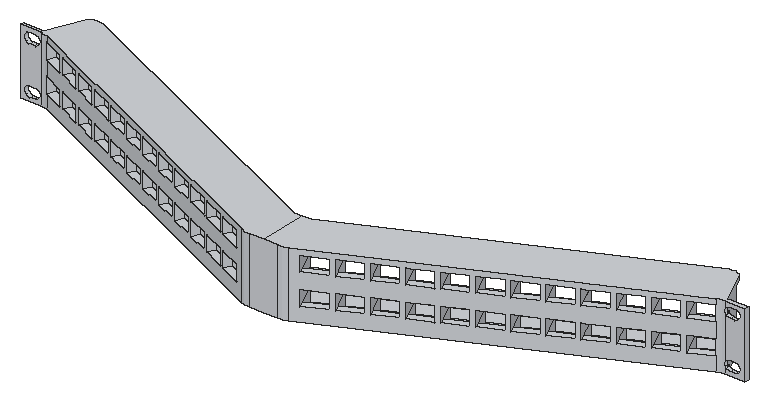
Revit family
Parameters (values of type "TEXT")
  Material ID = "760109744"
  Description = "M4800A 1U Angled Panel, 48 port"
Reference planes (in)
  plane 1 "Center (Front/Back)": y = 0
  plane 2: z = 0
  plane 3 "Center (Left/Right)": x = 0
  plane 4: x = 0
Forms (in)
  Extrusion 1, solid
    sketch origin (0, 0, 0) x (1, 0, 0) y (0, 0, 1)
      loop
        line (0, 1.72) -> (-9.5, 1.72) -> (-9.5, 0) -> (0, 0) -> (9.5, 0) -> (9.5, 1.72) -> (0, 1.72)
    from 0 to 5
  Extrusion 2, void
    sketch origin (0, 0, 0) x (1, 0, 0) y (0, 1, 0)
      loop
        line (0, -3.75) -> (0.22211, -3.75) -> (8.20539, -0.02733)
        arc (8.20539, -0.02733) -> (8.4054, -0.01671) -> (8.56751, -0.13432) r 0.3
        line (8.56751, -0.13432) -> (8.96942, -0.99622) -> (10.67789, -0.99622) -> (10.67789, 1.58554) -> (-10.07211, 1.58554) -> (-10.07211, -1) -> (-8.97119, -1) -> (-8.56751, -0.13432)
        arc (-8.56751, -0.13432) -> (-8.4054, -0.01671) -> (-8.20539, -0.02733) r 0.3
        line (-8.20539, -0.02733) -> (-0.22211, -3.75) -> (0, -3.75)
      loop
        line (0, -5) -> (-0.37185, -5)
        arc (-0.37185, -5) -> (-0.49223, -4.98735) -> (-0.60735, -4.94994) r 0.57899
        line (-0.60735, -4.94994) -> (-8.77297, -1.14225)
        arc (-8.77297, -1.14225) -> (-8.86654, -1.11064) -> (-8.96473, -1.1) r 0.45422
        line (-8.96473, -1.1) -> (-10.07211, -1.1) -> (-10.07211, -6.6) -> (10.67789, -6.6) -> (10.67789, -1.1) -> (8.96473, -1.1)
        arc (8.96473, -1.1) -> (8.86654, -1.11064) -> (8.77297, -1.14225) r 0.45422
        line (8.77297, -1.14225) -> (0.60735, -4.94994)
        arc (0.60735, -4.94994) -> (0.49223, -4.98735) -> (0.37185, -5) r 0.57899
        line (0.37185, -5) -> (0, -5)
    from 0 to 1.72
  Extrusion 3, void
    sketch origin (0, 0, 0) x (1, 0, 0) y (0, 0, 1)
      loop
        line (-9.23838, 0.095) -> (-9.11238, 0.095)
        arc (-9.11238, 0.095) -> (-8.97238, 0.235) -> (-9.11238, 0.375) r 0.14
        line (-9.11238, 0.375) -> (-9.23838, 0.375)
        arc (-9.23838, 0.375) -> (-9.37838, 0.235) -> (-9.23838, 0.095) r 0.14
      loop
        line (-9.23838, 1.345) -> (-9.11238, 1.345)
        arc (-9.11238, 1.345) -> (-8.97238, 1.485) -> (-9.11238, 1.625) r 0.14
        line (-9.11238, 1.625) -> (-9.23838, 1.625)
        arc (-9.23838, 1.625) -> (-9.37838, 1.485) -> (-9.23838, 1.345) r 0.14
    from -1.65585 to 2.00078
  Extrusion 4, void
    sketch origin (0, 0, 0) x (-1, 0, 0) y (0, 0, -1)
      loop
        arc (-9.23838, -0.095) -> (-9.37838, -0.235) -> (-9.23838, -0.375) r 0.14
        line (-9.23838, -0.375) -> (-9.11238, -0.375)
        arc (-9.11238, -0.375) -> (-8.97238, -0.235) -> (-9.11238, -0.095) r 0.14
        line (-9.11238, -0.095) -> (-9.23838, -0.095)
      loop
        arc (-9.23838, -1.345) -> (-9.37838, -1.485) -> (-9.23838, -1.625) r 0.14
        line (-9.23838, -1.625) -> (-9.11238, -1.625)
        arc (-9.11238, -1.625) -> (-8.97238, -1.485) -> (-9.11238, -1.345) r 0.14
        line (-9.11238, -1.345) -> (-9.23838, -1.345)
    from -1.65585 to 3.38016
  Extrusion 5, void, not visible
    sketch origin (-0.5, -5, 0) x (0.906308, -0.422618, 0) y (0, 0, -1)
      loop
        line (-8.77097, -1.065) -> (-8.20097, -1.065) -> (-8.20097, -0.58646) -> (-8.35097, -0.58646) -> (-8.35097, -0.415) -> (-8.61922, -0.415) -> (-8.61922, -0.58646) -> (-8.77097, -0.58646) -> (-8.77097, -1.065)
    from -6.11684 to 3.83475
  Extrusion 6, void
    sketch origin (0, 0, 1.72) x (0, -1, 0) y (-1, 0, 0)
      loop
        line (-0.11011, -8.50014) -> (0.32456, -8.7511) -> (4.25, -0.33296) -> (4.25, 0.33296) -> (0.3609, 8.67317) -> (-0.09226, 8.46186) -> (3.75, 0.22211) -> (3.75, -0.22211) -> (-0.11011, -8.50014)
    from 0.095 to 1.675
  Extrusion 7, void
    sketch origin (-0.5, -5, 0) x (0.906308, -0.422618, 0) y (0, 0, -1)
      loop
        line (-9.1872, -1.57888) -> (-8.5172, -1.57888) -> (-8.5172, -0.87888) -> (-9.1872, -0.87888) -> (-9.1872, -1.57888)
    from 0.20497 to 5.92058
  Extrusion 8, void
    sketch origin (-0.5, -5, 0) x (0.906308, -0.422618, 0) y (0, 0, -1)
      loop
        line (-8.50699, -1.57888) -> (-8.50699, -1.17045) -> (-9.12821, -1.17045) -> (-9.12821, -1.57888) -> (-8.50699, -1.57888)
    from 0 to 4.63738
  Extrusion 9, void
    sketch origin (0.17067, -5.31274, 0) x (0.906308, -0.422618, 0) y (0, 0, -1)
      loop
        line (-9.1872, -1.57888) -> (-8.5172, -1.57888) -> (-8.5172, -0.87888) -> (-9.1872, -0.87888) -> (-9.1872, -1.57888)
    from 0.20497 to 5.92058
  Extrusion 10, void
    sketch origin (0.17067, -5.31274, 0) x (0.906308, -0.422618, 0) y (0, 0, -1)
      loop
        line (-8.50699, -1.57888) -> (-8.50699, -1.17045) -> (-9.12821, -1.17045) -> (-9.12821, -1.57888) -> (-8.50699, -1.57888)
    from 0 to 4.63738
  Extrusion 11, void
    sketch origin (0.84134, -5.62548, 0) x (0.906308, -0.422618, 0) y (0, 0, -1)
      loop
        line (-9.1872, -1.57888) -> (-8.5172, -1.57888) -> (-8.5172, -0.87888) -> (-9.1872, -0.87888) -> (-9.1872, -1.57888)
    from 0.20497 to 5.92058
  Extrusion 12, void
    sketch origin (0.84134, -5.62548, 0) x (0.906308, -0.422618, 0) y (0, 0, -1)
      loop
        line (-8.50699, -1.57888) -> (-8.50699, -1.17045) -> (-9.12821, -1.17045) -> (-9.12821, -1.57888) -> (-8.50699, -1.57888)
    from 0 to 4.63738
  Extrusion 13, void
    sketch origin (1.512, -5.93821, 0) x (0.906308, -0.422618, 0) y (0, 0, -1)
      loop
        line (-9.1872, -1.57888) -> (-8.5172, -1.57888) -> (-8.5172, -0.87888) -> (-9.1872, -0.87888) -> (-9.1872, -1.57888)
    from 0.20497 to 5.92058
  Extrusion 14, void
    sketch origin (1.512, -5.93821, 0) x (0.906308, -0.422618, 0) y (0, 0, -1)
      loop
        line (-8.50699, -1.57888) -> (-8.50699, -1.17045) -> (-9.12821, -1.17045) -> (-9.12821, -1.57888) -> (-8.50699, -1.57888)
    from 0 to 4.63738
  Extrusion 15, void
    sketch origin (2.18267, -6.25095, 0) x (0.906308, -0.422618, 0) y (0, 0, -1)
      loop
        line (-9.1872, -1.57888) -> (-8.5172, -1.57888) -> (-8.5172, -0.87888) -> (-9.1872, -0.87888) -> (-9.1872, -1.57888)
    from 0.20497 to 5.92058
  Extrusion 16, void
    sketch origin (2.18267, -6.25095, 0) x (0.906308, -0.422618, 0) y (0, 0, -1)
      loop
        line (-8.50699, -1.57888) -> (-8.50699, -1.17045) -> (-9.12821, -1.17045) -> (-9.12821, -1.57888) -> (-8.50699, -1.57888)
    from 0 to 4.63738
  Extrusion 17, void
    sketch origin (2.85334, -6.56369, 0) x (0.906308, -0.422618, 0) y (0, 0, -1)
      loop
        line (-9.1872, -1.57888) -> (-8.5172, -1.57888) -> (-8.5172, -0.87888) -> (-9.1872, -0.87888) -> (-9.1872, -1.57888)
    from 0.20497 to 5.92058
  Extrusion 18, void
    sketch origin (2.85334, -6.56369, 0) x (0.906308, -0.422618, 0) y (0, 0, -1)
      loop
        line (-8.50699, -1.57888) -> (-8.50699, -1.17045) -> (-9.12821, -1.17045) -> (-9.12821, -1.57888) -> (-8.50699, -1.57888)
    from 0 to 4.63738
  Extrusion 19, void
    sketch origin (3.52401, -6.87643, 0) x (0.906308, -0.422618, 0) y (0, 0, -1)
      loop
        line (-9.1872, -1.57888) -> (-8.5172, -1.57888) -> (-8.5172, -0.87888) -> (-9.1872, -0.87888) -> (-9.1872, -1.57888)
    from 0.20497 to 5.92058
  Extrusion 20, void
    sketch origin (3.52401, -6.87643, 0) x (0.906308, -0.422618, 0) y (0, 0, -1)
      loop
        line (-8.50699, -1.57888) -> (-8.50699, -1.17045) -> (-9.12821, -1.17045) -> (-9.12821, -1.57888) -> (-8.50699, -1.57888)
    from 0 to 4.63738
  Extrusion 21, void
    sketch origin (4.19467, -7.18916, 0) x (0.906308, -0.422618, 0) y (0, 0, -1)
      loop
        line (-9.1872, -1.57888) -> (-8.5172, -1.57888) -> (-8.5172, -0.87888) -> (-9.1872, -0.87888) -> (-9.1872, -1.57888)
    from 0.20497 to 5.92058
  Extrusion 22, void
    sketch origin (4.19467, -7.18916, 0) x (0.906308, -0.422618, 0) y (0, 0, -1)
      loop
        line (-8.50699, -1.57888) -> (-8.50699, -1.17045) -> (-9.12821, -1.17045) -> (-9.12821, -1.57888) -> (-8.50699, -1.57888)
    from 0 to 4.63738
  Extrusion 23, void
    sketch origin (4.86534, -7.5019, 0) x (0.906308, -0.422618, 0) y (0, 0, -1)
      loop
        line (-9.1872, -1.57888) -> (-8.5172, -1.57888) -> (-8.5172, -0.87888) -> (-9.1872, -0.87888) -> (-9.1872, -1.57888)
    from 0.20497 to 5.92058
  Extrusion 24, void
    sketch origin (4.86534, -7.5019, 0) x (0.906308, -0.422618, 0) y (0, 0, -1)
      loop
        line (-8.50699, -1.57888) -> (-8.50699, -1.17045) -> (-9.12821, -1.17045) -> (-9.12821, -1.57888) -> (-8.50699, -1.57888)
    from 0 to 4.63738
  Extrusion 25, void
    sketch origin (5.53601, -7.81464, 0) x (0.906308, -0.422618, 0) y (0, 0, -1)
      loop
        line (-9.1872, -1.57888) -> (-8.5172, -1.57888) -> (-8.5172, -0.87888) -> (-9.1872, -0.87888) -> (-9.1872, -1.57888)
    from 0.20497 to 5.92058
  Extrusion 26, void
    sketch origin (5.53601, -7.81464, 0) x (0.906308, -0.422618, 0) y (0, 0, -1)
      loop
        line (-8.50699, -1.57888) -> (-8.50699, -1.17045) -> (-9.12821, -1.17045) -> (-9.12821, -1.57888) -> (-8.50699, -1.57888)
    from 0 to 4.63738
  Extrusion 27, void
    sketch origin (6.20668, -8.12738, 0) x (0.906308, -0.422618, 0) y (0, 0, -1)
      loop
        line (-9.1872, -1.57888) -> (-8.5172, -1.57888) -> (-8.5172, -0.87888) -> (-9.1872, -0.87888) -> (-9.1872, -1.57888)
    from 0.20497 to 5.92058
  Extrusion 28, void
    sketch origin (6.20668, -8.12738, 0) x (0.906308, -0.422618, 0) y (0, 0, -1)
      loop
        line (-8.50699, -1.57888) -> (-8.50699, -1.17045) -> (-9.12821, -1.17045) -> (-9.12821, -1.57888) -> (-8.50699, -1.57888)
    from 0 to 4.63738
  Extrusion 29, void
    sketch origin (6.87735, -8.44011, 0) x (0.906308, -0.422618, 0) y (0, 0, -1)
      loop
        line (-9.1872, -1.57888) -> (-8.5172, -1.57888) -> (-8.5172, -0.87888) -> (-9.1872, -0.87888) -> (-9.1872, -1.57888)
    from 0.20497 to 5.92058
  Extrusion 30, void
    sketch origin (6.87735, -8.44011, 0) x (0.906308, -0.422618, 0) y (0, 0, -1)
      loop
        line (-8.50699, -1.57888) -> (-8.50699, -1.17045) -> (-9.12821, -1.17045) -> (-9.12821, -1.57888) -> (-8.50699, -1.57888)
    from 0 to 4.63738
  Extrusion 31, void
    sketch origin (-0.5, -5, -0.8) x (0.906308, -0.422618, 0) y (0, 0, -1)
      loop
        line (-9.1872, -1.57888) -> (-8.5172, -1.57888) -> (-8.5172, -0.87888) -> (-9.1872, -0.87888) -> (-9.1872, -1.57888)
    from 0.20497 to 5.92058
  Extrusion 32, void
    sketch origin (-0.5, -5, -0.8) x (0.906308, -0.422618, 0) y (0, 0, -1)
      loop
        line (-8.50699, -1.57888) -> (-8.50699, -1.17045) -> (-9.12821, -1.17045) -> (-9.12821, -1.57888) -> (-8.50699, -1.57888)
    from 0 to 4.63738
  Extrusion 33, void
    sketch origin (0.17067, -5.31274, -0.8) x (0.906308, -0.422618, 0) y (0, 0, -1)
      loop
        line (-9.1872, -1.57888) -> (-8.5172, -1.57888) -> (-8.5172, -0.87888) -> (-9.1872, -0.87888) -> (-9.1872, -1.57888)
    from 0.20497 to 5.92058
  Extrusion 34, void
    sketch origin (0.17067, -5.31274, -0.8) x (0.906308, -0.422618, 0) y (0, 0, -1)
      loop
        line (-8.50699, -1.57888) -> (-8.50699, -1.17045) -> (-9.12821, -1.17045) -> (-9.12821, -1.57888) -> (-8.50699, -1.57888)
    from 0 to 4.63738
  Extrusion 35, void
    sketch origin (0.84134, -5.62548, -0.8) x (0.906308, -0.422618, 0) y (0, 0, -1)
      loop
        line (-9.1872, -1.57888) -> (-8.5172, -1.57888) -> (-8.5172, -0.87888) -> (-9.1872, -0.87888) -> (-9.1872, -1.57888)
    from 0.20497 to 5.92058
  Extrusion 36, void
    sketch origin (0.84134, -5.62548, -0.8) x (0.906308, -0.422618, 0) y (0, 0, -1)
      loop
        line (-8.50699, -1.57888) -> (-8.50699, -1.17045) -> (-9.12821, -1.17045) -> (-9.12821, -1.57888) -> (-8.50699, -1.57888)
    from 0 to 4.63738
  Extrusion 37, void
    sketch origin (1.512, -5.93821, -0.8) x (0.906308, -0.422618, 0) y (0, 0, -1)
      loop
        line (-9.1872, -1.57888) -> (-8.5172, -1.57888) -> (-8.5172, -0.87888) -> (-9.1872, -0.87888) -> (-9.1872, -1.57888)
    from 0.20497 to 5.92058
  Extrusion 38, void
    sketch origin (1.512, -5.93821, -0.8) x (0.906308, -0.422618, 0) y (0, 0, -1)
      loop
        line (-8.50699, -1.57888) -> (-8.50699, -1.17045) -> (-9.12821, -1.17045) -> (-9.12821, -1.57888) -> (-8.50699, -1.57888)
    from 0 to 4.63738
  Extrusion 39, void
    sketch origin (2.18267, -6.25095, -0.8) x (0.906308, -0.422618, 0) y (0, 0, -1)
      loop
        line (-9.1872, -1.57888) -> (-8.5172, -1.57888) -> (-8.5172, -0.87888) -> (-9.1872, -0.87888) -> (-9.1872, -1.57888)
    from 0.20497 to 5.92058
  Extrusion 40, void
    sketch origin (2.18267, -6.25095, -0.8) x (0.906308, -0.422618, 0) y (0, 0, -1)
      loop
        line (-8.50699, -1.57888) -> (-8.50699, -1.17045) -> (-9.12821, -1.17045) -> (-9.12821, -1.57888) -> (-8.50699, -1.57888)
    from 0 to 4.63738
  Extrusion 41, void
    sketch origin (2.85334, -6.56369, -0.8) x (0.906308, -0.422618, 0) y (0, 0, -1)
      loop
        line (-9.1872, -1.57888) -> (-8.5172, -1.57888) -> (-8.5172, -0.87888) -> (-9.1872, -0.87888) -> (-9.1872, -1.57888)
    from 0.20497 to 5.92058
  Extrusion 42, void
    sketch origin (2.85334, -6.56369, -0.8) x (0.906308, -0.422618, 0) y (0, 0, -1)
      loop
        line (-8.50699, -1.57888) -> (-8.50699, -1.17045) -> (-9.12821, -1.17045) -> (-9.12821, -1.57888) -> (-8.50699, -1.57888)
    from 0 to 4.63738
  Extrusion 43, void
    sketch origin (3.52401, -6.87643, -0.8) x (0.906308, -0.422618, 0) y (0, 0, -1)
      loop
        line (-9.1872, -1.57888) -> (-8.5172, -1.57888) -> (-8.5172, -0.87888) -> (-9.1872, -0.87888) -> (-9.1872, -1.57888)
    from 0.20497 to 5.92058
  Extrusion 44, void
    sketch origin (3.52401, -6.87643, -0.8) x (0.906308, -0.422618, 0) y (0, 0, -1)
      loop
        line (-8.50699, -1.57888) -> (-8.50699, -1.17045) -> (-9.12821, -1.17045) -> (-9.12821, -1.57888) -> (-8.50699, -1.57888)
    from 0 to 4.63738
  Extrusion 45, void
    sketch origin (4.19467, -7.18916, -0.8) x (0.906308, -0.422618, 0) y (0, 0, -1)
      loop
        line (-9.1872, -1.57888) -> (-8.5172, -1.57888) -> (-8.5172, -0.87888) -> (-9.1872, -0.87888) -> (-9.1872, -1.57888)
    from 0.20497 to 5.92058
  Extrusion 46, void
    sketch origin (4.19467, -7.18916, -0.8) x (0.906308, -0.422618, 0) y (0, 0, -1)
      loop
        line (-8.50699, -1.57888) -> (-8.50699, -1.17045) -> (-9.12821, -1.17045) -> (-9.12821, -1.57888) -> (-8.50699, -1.57888)
    from 0 to 4.63738
  Extrusion 47, void
    sketch origin (4.86534, -7.5019, -0.8) x (0.906308, -0.422618, 0) y (0, 0, -1)
      loop
        line (-9.1872, -1.57888) -> (-8.5172, -1.57888) -> (-8.5172, -0.87888) -> (-9.1872, -0.87888) -> (-9.1872, -1.57888)
    from 0.20497 to 5.92058
  Extrusion 48, void
    sketch origin (4.86534, -7.5019, -0.8) x (0.906308, -0.422618, 0) y (0, 0, -1)
      loop
        line (-8.50699, -1.57888) -> (-8.50699, -1.17045) -> (-9.12821, -1.17045) -> (-9.12821, -1.57888) -> (-8.50699, -1.57888)
    from 0 to 4.63738
  Extrusion 49, void
    sketch origin (5.53601, -7.81464, -0.8) x (0.906308, -0.422618, 0) y (0, 0, -1)
      loop
        line (-9.1872, -1.57888) -> (-8.5172, -1.57888) -> (-8.5172, -0.87888) -> (-9.1872, -0.87888) -> (-9.1872, -1.57888)
    from 0.20497 to 5.92058
  Extrusion 50, void
    sketch origin (5.53601, -7.81464, -0.8) x (0.906308, -0.422618, 0) y (0, 0, -1)
      loop
        line (-8.50699, -1.57888) -> (-8.50699, -1.17045) -> (-9.12821, -1.17045) -> (-9.12821, -1.57888) -> (-8.50699, -1.57888)
    from 0 to 4.63738
  Extrusion 51, void
    sketch origin (6.20668, -8.12738, -0.8) x (0.906308, -0.422618, 0) y (0, 0, -1)
      loop
        line (-9.1872, -1.57888) -> (-8.5172, -1.57888) -> (-8.5172, -0.87888) -> (-9.1872, -0.87888) -> (-9.1872, -1.57888)
    from 0.20497 to 5.92058
  Extrusion 52, void
    sketch origin (6.20668, -8.12738, -0.8) x (0.906308, -0.422618, 0) y (0, 0, -1)
      loop
        line (-8.50699, -1.57888) -> (-8.50699, -1.17045) -> (-9.12821, -1.17045) -> (-9.12821, -1.57888) -> (-8.50699, -1.57888)
    from 0 to 4.63738
  Extrusion 53, void
    sketch origin (6.87735, -8.44011, -0.8) x (0.906308, -0.422618, 0) y (0, 0, -1)
      loop
        line (-9.1872, -1.57888) -> (-8.5172, -1.57888) -> (-8.5172, -0.87888) -> (-9.1872, -0.87888) -> (-9.1872, -1.57888)
    from 0.20497 to 5.92058
  Extrusion 54, void
    sketch origin (6.87735, -8.44011, -0.8) x (0.906308, -0.422618, 0) y (0, 0, -1)
      loop
        line (-8.50699, -1.57888) -> (-8.50699, -1.17045) -> (-9.12821, -1.17045) -> (-9.12821, -1.57888) -> (-8.50699, -1.57888)
    from 0 to 4.63738
  Extrusion 55, void
    sketch origin (0.5, -5, 0) x (-0.906308, -0.422618, 0) y (0, 0, 1)
      loop
        line (-9.1872, 1.57888) -> (-9.1872, 0.87888) -> (-8.5172, 0.87888) -> (-8.5172, 1.57888) -> (-9.1872, 1.57888)
    from 0.20497 to 5.92058
  Extrusion 56, void
    sketch origin (0.5, -5, 0) x (-0.906308, -0.422618, 0) y (0, 0, 1)
      loop
        line (-8.50699, 1.57888) -> (-9.12821, 1.57888) -> (-9.12821, 1.17045) -> (-8.50699, 1.17045) -> (-8.50699, 1.57888)
    from 0 to 4.63738
  Extrusion 57, void
    sketch origin (-0.17067, -5.31274, 0) x (-0.906308, -0.422618, 0) y (0, 0, 1)
      loop
        line (-9.1872, 1.57888) -> (-9.1872, 0.87888) -> (-8.5172, 0.87888) -> (-8.5172, 1.57888) -> (-9.1872, 1.57888)
    from 0.20497 to 5.92058
  Extrusion 58, void
    sketch origin (-0.17067, -5.31274, 0) x (-0.906308, -0.422618, 0) y (0, 0, 1)
      loop
        line (-8.50699, 1.57888) -> (-9.12821, 1.57888) -> (-9.12821, 1.17045) -> (-8.50699, 1.17045) -> (-8.50699, 1.57888)
    from 0 to 4.63738
  Extrusion 59, void
    sketch origin (-0.84134, -5.62548, 0) x (-0.906308, -0.422618, 0) y (0, 0, 1)
      loop
        line (-9.1872, 1.57888) -> (-9.1872, 0.87888) -> (-8.5172, 0.87888) -> (-8.5172, 1.57888) -> (-9.1872, 1.57888)
    from 0.20497 to 5.92058
  Extrusion 60, void
    sketch origin (-0.84134, -5.62548, 0) x (-0.906308, -0.422618, 0) y (0, 0, 1)
      loop
        line (-8.50699, 1.57888) -> (-9.12821, 1.57888) -> (-9.12821, 1.17045) -> (-8.50699, 1.17045) -> (-8.50699, 1.57888)
    from 0 to 4.63738
  Extrusion 61, void
    sketch origin (-1.512, -5.93821, 0) x (-0.906308, -0.422618, 0) y (0, 0, 1)
      loop
        line (-9.1872, 1.57888) -> (-9.1872, 0.87888) -> (-8.5172, 0.87888) -> (-8.5172, 1.57888) -> (-9.1872, 1.57888)
    from 0.20497 to 5.92058
  Extrusion 62, void
    sketch origin (-1.512, -5.93821, 0) x (-0.906308, -0.422618, 0) y (0, 0, 1)
      loop
        line (-8.50699, 1.57888) -> (-9.12821, 1.57888) -> (-9.12821, 1.17045) -> (-8.50699, 1.17045) -> (-8.50699, 1.57888)
    from 0 to 4.63738
  Extrusion 63, void
    sketch origin (-2.18267, -6.25095, 0) x (-0.906308, -0.422618, 0) y (0, 0, 1)
      loop
        line (-9.1872, 1.57888) -> (-9.1872, 0.87888) -> (-8.5172, 0.87888) -> (-8.5172, 1.57888) -> (-9.1872, 1.57888)
    from 0.20497 to 5.92058
  Extrusion 64, void
    sketch origin (-2.18267, -6.25095, 0) x (-0.906308, -0.422618, 0) y (0, 0, 1)
      loop
        line (-8.50699, 1.57888) -> (-9.12821, 1.57888) -> (-9.12821, 1.17045) -> (-8.50699, 1.17045) -> (-8.50699, 1.57888)
    from 0 to 4.63738
  Extrusion 65, void
    sketch origin (-2.85334, -6.56369, 0) x (-0.906308, -0.422618, 0) y (0, 0, 1)
      loop
        line (-9.1872, 1.57888) -> (-9.1872, 0.87888) -> (-8.5172, 0.87888) -> (-8.5172, 1.57888) -> (-9.1872, 1.57888)
    from 0.20497 to 5.92058
  Extrusion 66, void
    sketch origin (-2.85334, -6.56369, 0) x (-0.906308, -0.422618, 0) y (0, 0, 1)
      loop
        line (-8.50699, 1.57888) -> (-9.12821, 1.57888) -> (-9.12821, 1.17045) -> (-8.50699, 1.17045) -> (-8.50699, 1.57888)
    from 0 to 4.63738
  Extrusion 67, void
    sketch origin (-3.52401, -6.87643, 0) x (-0.906308, -0.422618, 0) y (0, 0, 1)
      loop
        line (-9.1872, 1.57888) -> (-9.1872, 0.87888) -> (-8.5172, 0.87888) -> (-8.5172, 1.57888) -> (-9.1872, 1.57888)
    from 0.20497 to 5.92058
  Extrusion 68, void
    sketch origin (-3.52401, -6.87643, 0) x (-0.906308, -0.422618, 0) y (0, 0, 1)
      loop
        line (-8.50699, 1.57888) -> (-9.12821, 1.57888) -> (-9.12821, 1.17045) -> (-8.50699, 1.17045) -> (-8.50699, 1.57888)
    from 0 to 4.63738
  Extrusion 69, void
    sketch origin (-4.19467, -7.18916, 0) x (-0.906308, -0.422618, 0) y (0, 0, 1)
      loop
        line (-9.1872, 1.57888) -> (-9.1872, 0.87888) -> (-8.5172, 0.87888) -> (-8.5172, 1.57888) -> (-9.1872, 1.57888)
    from 0.20497 to 5.92058
  Extrusion 70, void
    sketch origin (-4.19467, -7.18916, 0) x (-0.906308, -0.422618, 0) y (0, 0, 1)
      loop
        line (-8.50699, 1.57888) -> (-9.12821, 1.57888) -> (-9.12821, 1.17045) -> (-8.50699, 1.17045) -> (-8.50699, 1.57888)
    from 0 to 4.63738
  Extrusion 71, void
    sketch origin (-4.86534, -7.5019, 0) x (-0.906308, -0.422618, 0) y (0, 0, 1)
      loop
        line (-9.1872, 1.57888) -> (-9.1872, 0.87888) -> (-8.5172, 0.87888) -> (-8.5172, 1.57888) -> (-9.1872, 1.57888)
    from 0.20497 to 5.92058
  Extrusion 72, void
    sketch origin (-4.86534, -7.5019, 0) x (-0.906308, -0.422618, 0) y (0, 0, 1)
      loop
        line (-8.50699, 1.57888) -> (-9.12821, 1.57888) -> (-9.12821, 1.17045) -> (-8.50699, 1.17045) -> (-8.50699, 1.57888)
    from 0 to 4.63738
  Extrusion 73, void
    sketch origin (-5.53601, -7.81464, 0) x (-0.906308, -0.422618, 0) y (0, 0, 1)
      loop
        line (-9.1872, 1.57888) -> (-9.1872, 0.87888) -> (-8.5172, 0.87888) -> (-8.5172, 1.57888) -> (-9.1872, 1.57888)
    from 0.20497 to 5.92058
  Extrusion 74, void
    sketch origin (-5.53601, -7.81464, 0) x (-0.906308, -0.422618, 0) y (0, 0, 1)
      loop
        line (-8.50699, 1.57888) -> (-9.12821, 1.57888) -> (-9.12821, 1.17045) -> (-8.50699, 1.17045) -> (-8.50699, 1.57888)
    from 0 to 4.63738
  Extrusion 75, void
    sketch origin (-6.20668, -8.12738, 0) x (-0.906308, -0.422618, 0) y (0, 0, 1)
      loop
        line (-9.1872, 1.57888) -> (-9.1872, 0.87888) -> (-8.5172, 0.87888) -> (-8.5172, 1.57888) -> (-9.1872, 1.57888)
    from 0.20497 to 5.92058
  Extrusion 76, void
    sketch origin (-6.20668, -8.12738, 0) x (-0.906308, -0.422618, 0) y (0, 0, 1)
      loop
        line (-8.50699, 1.57888) -> (-9.12821, 1.57888) -> (-9.12821, 1.17045) -> (-8.50699, 1.17045) -> (-8.50699, 1.57888)
    from 0 to 4.63738
  Extrusion 77, void
    sketch origin (-6.87735, -8.44011, 0) x (-0.906308, -0.422618, 0) y (0, 0, 1)
      loop
        line (-9.1872, 1.57888) -> (-9.1872, 0.87888) -> (-8.5172, 0.87888) -> (-8.5172, 1.57888) -> (-9.1872, 1.57888)
    from 0.20497 to 5.92058
  Extrusion 78, void
    sketch origin (-6.87735, -8.44011, 0) x (-0.906308, -0.422618, 0) y (0, 0, 1)
      loop
        line (-8.50699, 1.57888) -> (-9.12821, 1.57888) -> (-9.12821, 1.17045) -> (-8.50699, 1.17045) -> (-8.50699, 1.57888)
    from 0 to 4.63738
  Extrusion 79, void
    sketch origin (0.5, -5, -0.8) x (-0.906308, -0.422618, 0) y (0, 0, 1)
      loop
        line (-9.1872, 1.57888) -> (-9.1872, 0.87888) -> (-8.5172, 0.87888) -> (-8.5172, 1.57888) -> (-9.1872, 1.57888)
    from 0.20497 to 5.92058
  Extrusion 80, void
    sketch origin (0.5, -5, -0.8) x (-0.906308, -0.422618, 0) y (0, 0, 1)
      loop
        line (-8.50699, 1.57888) -> (-9.12821, 1.57888) -> (-9.12821, 1.17045) -> (-8.50699, 1.17045) -> (-8.50699, 1.57888)
    from 0 to 4.63738
  Extrusion 81, void
    sketch origin (-0.17067, -5.31274, -0.8) x (-0.906308, -0.422618, 0) y (0, 0, 1)
      loop
        line (-9.1872, 1.57888) -> (-9.1872, 0.87888) -> (-8.5172, 0.87888) -> (-8.5172, 1.57888) -> (-9.1872, 1.57888)
    from 0.20497 to 5.92058
  Extrusion 82, void
    sketch origin (-0.17067, -5.31274, -0.8) x (-0.906308, -0.422618, 0) y (0, 0, 1)
      loop
        line (-8.50699, 1.57888) -> (-9.12821, 1.57888) -> (-9.12821, 1.17045) -> (-8.50699, 1.17045) -> (-8.50699, 1.57888)
    from 0 to 4.63738
  Extrusion 83, void
    sketch origin (-0.84134, -5.62548, -0.8) x (-0.906308, -0.422618, 0) y (0, 0, 1)
      loop
        line (-9.1872, 1.57888) -> (-9.1872, 0.87888) -> (-8.5172, 0.87888) -> (-8.5172, 1.57888) -> (-9.1872, 1.57888)
    from 0.20497 to 5.92058
  Extrusion 84, void
    sketch origin (-0.84134, -5.62548, -0.8) x (-0.906308, -0.422618, 0) y (0, 0, 1)
      loop
        line (-8.50699, 1.57888) -> (-9.12821, 1.57888) -> (-9.12821, 1.17045) -> (-8.50699, 1.17045) -> (-8.50699, 1.57888)
    from 0 to 4.63738
  Extrusion 85, void
    sketch origin (-1.512, -5.93821, -0.8) x (-0.906308, -0.422618, 0) y (0, 0, 1)
      loop
        line (-9.1872, 1.57888) -> (-9.1872, 0.87888) -> (-8.5172, 0.87888) -> (-8.5172, 1.57888) -> (-9.1872, 1.57888)
    from 0.20497 to 5.92058
  Extrusion 86, void
    sketch origin (-1.512, -5.93821, -0.8) x (-0.906308, -0.422618, 0) y (0, 0, 1)
      loop
        line (-8.50699, 1.57888) -> (-9.12821, 1.57888) -> (-9.12821, 1.17045) -> (-8.50699, 1.17045) -> (-8.50699, 1.57888)
    from 0 to 4.63738
  Extrusion 87, void
    sketch origin (-2.18267, -6.25095, -0.8) x (-0.906308, -0.422618, 0) y (0, 0, 1)
      loop
        line (-9.1872, 1.57888) -> (-9.1872, 0.87888) -> (-8.5172, 0.87888) -> (-8.5172, 1.57888) -> (-9.1872, 1.57888)
    from 0.20497 to 5.92058
  Extrusion 88, void
    sketch origin (-2.18267, -6.25095, -0.8) x (-0.906308, -0.422618, 0) y (0, 0, 1)
      loop
        line (-8.50699, 1.57888) -> (-9.12821, 1.57888) -> (-9.12821, 1.17045) -> (-8.50699, 1.17045) -> (-8.50699, 1.57888)
    from 0 to 4.63738
  Extrusion 89, void
    sketch origin (-2.85334, -6.56369, -0.8) x (-0.906308, -0.422618, 0) y (0, 0, 1)
      loop
        line (-9.1872, 1.57888) -> (-9.1872, 0.87888) -> (-8.5172, 0.87888) -> (-8.5172, 1.57888) -> (-9.1872, 1.57888)
    from 0.20497 to 5.92058
  Extrusion 90, void
    sketch origin (-2.85334, -6.56369, -0.8) x (-0.906308, -0.422618, 0) y (0, 0, 1)
      loop
        line (-8.50699, 1.57888) -> (-9.12821, 1.57888) -> (-9.12821, 1.17045) -> (-8.50699, 1.17045) -> (-8.50699, 1.57888)
    from 0 to 4.63738
  Extrusion 91, void
    sketch origin (-3.52401, -6.87643, -0.8) x (-0.906308, -0.422618, 0) y (0, 0, 1)
      loop
        line (-9.1872, 1.57888) -> (-9.1872, 0.87888) -> (-8.5172, 0.87888) -> (-8.5172, 1.57888) -> (-9.1872, 1.57888)
    from 0.20497 to 5.92058
  Extrusion 92, void
    sketch origin (-3.52401, -6.87643, -0.8) x (-0.906308, -0.422618, 0) y (0, 0, 1)
      loop
        line (-8.50699, 1.57888) -> (-9.12821, 1.57888) -> (-9.12821, 1.17045) -> (-8.50699, 1.17045) -> (-8.50699, 1.57888)
    from 0 to 4.63738
  Extrusion 93, void
    sketch origin (-4.19467, -7.18916, -0.8) x (-0.906308, -0.422618, 0) y (0, 0, 1)
      loop
        line (-9.1872, 1.57888) -> (-9.1872, 0.87888) -> (-8.5172, 0.87888) -> (-8.5172, 1.57888) -> (-9.1872, 1.57888)
    from 0.20497 to 5.92058
  Extrusion 94, void
    sketch origin (-4.19467, -7.18916, -0.8) x (-0.906308, -0.422618, 0) y (0, 0, 1)
      loop
        line (-8.50699, 1.57888) -> (-9.12821, 1.57888) -> (-9.12821, 1.17045) -> (-8.50699, 1.17045) -> (-8.50699, 1.57888)
    from 0 to 4.63738
  Extrusion 95, void
    sketch origin (-4.86534, -7.5019, -0.8) x (-0.906308, -0.422618, 0) y (0, 0, 1)
      loop
        line (-9.1872, 1.57888) -> (-9.1872, 0.87888) -> (-8.5172, 0.87888) -> (-8.5172, 1.57888) -> (-9.1872, 1.57888)
    from 0.20497 to 5.92058
  Extrusion 96, void
    sketch origin (-4.86534, -7.5019, -0.8) x (-0.906308, -0.422618, 0) y (0, 0, 1)
      loop
        line (-8.50699, 1.57888) -> (-9.12821, 1.57888) -> (-9.12821, 1.17045) -> (-8.50699, 1.17045) -> (-8.50699, 1.57888)
    from 0 to 4.63738
  Extrusion 97, void
    sketch origin (-5.53601, -7.81464, -0.8) x (-0.906308, -0.422618, 0) y (0, 0, 1)
      loop
        line (-9.1872, 1.57888) -> (-9.1872, 0.87888) -> (-8.5172, 0.87888) -> (-8.5172, 1.57888) -> (-9.1872, 1.57888)
    from 0.20497 to 5.92058
  Extrusion 98, void
    sketch origin (-5.53601, -7.81464, -0.8) x (-0.906308, -0.422618, 0) y (0, 0, 1)
      loop
        line (-8.50699, 1.57888) -> (-9.12821, 1.57888) -> (-9.12821, 1.17045) -> (-8.50699, 1.17045) -> (-8.50699, 1.57888)
    from 0 to 4.63738
  Extrusion 99, void
    sketch origin (-6.20668, -8.12738, -0.8) x (-0.906308, -0.422618, 0) y (0, 0, 1)
      loop
        line (-9.1872, 1.57888) -> (-9.1872, 0.87888) -> (-8.5172, 0.87888) -> (-8.5172, 1.57888) -> (-9.1872, 1.57888)
    from 0.20497 to 5.92058
  Extrusion 100, void
    sketch origin (-6.20668, -8.12738, -0.8) x (-0.906308, -0.422618, 0) y (0, 0, 1)
      loop
        line (-8.50699, 1.57888) -> (-9.12821, 1.57888) -> (-9.12821, 1.17045) -> (-8.50699, 1.17045) -> (-8.50699, 1.57888)
    from 0 to 4.63738
  Extrusion 101, void
    sketch origin (-6.87735, -8.44011, -0.8) x (-0.906308, -0.422618, 0) y (0, 0, 1)
      loop
        line (-9.1872, 1.57888) -> (-9.1872, 0.87888) -> (-8.5172, 0.87888) -> (-8.5172, 1.57888) -> (-9.1872, 1.57888)
    from 0.20497 to 5.92058
  Extrusion 102, void
    sketch origin (-6.87735, -8.44011, -0.8) x (-0.906308, -0.422618, 0) y (0, 0, 1)
      loop
        line (-8.50699, 1.57888) -> (-9.12821, 1.57888) -> (-9.12821, 1.17045) -> (-8.50699, 1.17045) -> (-8.50699, 1.57888)
    from 0 to 4.63738
Cuts and joins
  Extrusion 2, Extrusion 3, Extrusion 4, Extrusion 6, Extrusion 7, Extrusion 8, Extrusion 9, Extrusion 10, Extrusion 11, Extrusion 12, Extrusion 13, Extrusion 14, Extrusion 15, Extrusion 16, Extrusion 17, Extrusion 18, Extrusion 19, Extrusion 20, Extrusion 21, Extrusion 22, Extrusion 23, Extrusion 24, Extrusion 25, Extrusion 26, Extrusion 27, Extrusion 28, Extrusion 29, Extrusion 30, Extrusion 31, Extrusion 32, Extrusion 33, Extrusion 34, Extrusion 35, Extrusion 36, Extrusion 37, Extrusion 38, Extrusion 39, Extrusion 40, Extrusion 41, Extrusion 42, Extrusion 43, Extrusion 44, Extrusion 45, Extrusion 46, Extrusion 47, Extrusion 48, Extrusion 49, Extrusion 50, Extrusion 51, Extrusion 52, Extrusion 53, Extrusion 54, Extrusion 55, Extrusion 56, Extrusion 57, Extrusion 58, Extrusion 59, Extrusion 60, Extrusion 61, Extrusion 62, Extrusion 63, Extrusion 64, Extrusion 65, Extrusion 66, Extrusion 67, Extrusion 68, Extrusion 69, Extrusion 70, Extrusion 71, Extrusion 72, Extrusion 73, Extrusion 74, Extrusion 75, Extrusion 76, Extrusion 77, Extrusion 78, Extrusion 79, Extrusion 80, Extrusion 81, Extrusion 82, Extrusion 83, Extrusion 84, Extrusion 85, Extrusion 86, Extrusion 87, Extrusion 88, Extrusion 89, Extrusion 90, Extrusion 91, Extrusion 92, Extrusion 93, Extrusion 94, Extrusion 95, Extrusion 96, Extrusion 97, Extrusion 98, Extrusion 99, Extrusion 100, Extrusion 101, Extrusion 102 cuts Extrusion 1
Dimensions and locks (in)
  cut or joined group of Extrusion 1, Extrusion 2, Extrusion 3, Extrusion 4, Extrusion 6, Extrusion 7, Extrusion 8, Extrusion 9, Extrusion 10, Extrusion 11, Extrusion 12, Extrusion 13, Extrusion 14, Extrusion 15, Extrusion 16, Extrusion 17, Extrusion 18, Extrusion 19, Extrusion 20, Extrusion 21, Extrusion 22, Extrusion 23, Extrusion 24, Extrusion 25, Extrusion 26, Extrusion 27, Extrusion 28, Extrusion 29, Extrusion 30, Extrusion 31, Extrusion 32, Extrusion 33, Extrusion 34, Extrusion 35, Extrusion 36, Extrusion 37, Extrusion 38, Extrusion 39, Extrusion 40, Extrusion 41, Extrusion 42, Extrusion 43, Extrusion 44, Extrusion 45, Extrusion 46, Extrusion 47, Extrusion 48, Extrusion 49, Extrusion 50, Extrusion 51, Extrusion 52, Extrusion 53, Extrusion 54, Extrusion 55, Extrusion 56, Extrusion 57, Extrusion 58, Extrusion 59, Extrusion 60, Extrusion 61, Extrusion 62, Extrusion 63, Extrusion 64, Extrusion 65, Extrusion 66, Extrusion 67, Extrusion 68, Extrusion 69, Extrusion 70, Extrusion 71, Extrusion 72, Extrusion 73, Extrusion 74, Extrusion 75, Extrusion 76, Extrusion 77, Extrusion 78, Extrusion 79, Extrusion 80, Extrusion 81, Extrusion 82, Extrusion 83, Extrusion 84, Extrusion 85, Extrusion 86, Extrusion 87, Extrusion 88, Extrusion 89, Extrusion 90, Extrusion 91, Extrusion 92, Extrusion 93, Extrusion 94, Extrusion 95, Extrusion 96, Extrusion 97, Extrusion 98, Extrusion 99, Extrusion 100, Extrusion 101, Extrusion 102 to Extrusion 7 sketch curve = 0.18078"
  equal spacing: group 13, group 14, group 15, group 16, group 17, group 18, group 19, group 20, group 21, group 22, group 23, group 24  (x2)
  equal spacing: group 24, group 23, group 22, group 21, group 20, group 19, group 18, group 17, group 16, group 15, group 14, group 13
  equal spacing: group 36, group 35, group 34, group 33, group 32, group 31, group 30, group 29, group 28, group 27, group 26, group 25  (x2)
  equal spacing: group 25, group 26, group 27, group 28, group 29, group 30, group 31, group 32, group 33, group 34, group 35, group 36
  equal spacing: group 48, group 47, group 46, group 45, group 44, group 43, group 42, group 41, group 40, group 39, group 38, group 37  (x2)
  equal spacing: group 37, group 38, group 39, group 40, group 41, group 42, group 43, group 44, group 45, group 46, group 47, group 48
  aligned and locked: level to Extrusion 1 sketch curve
